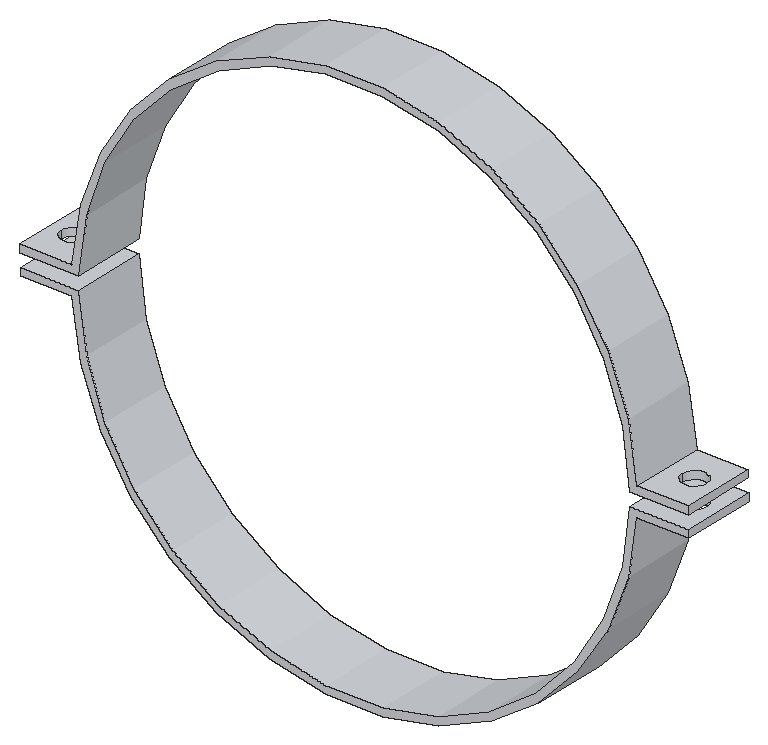
Revit family "Edelstahlrohrschelle V4A, ohne AG, ohne VS, Ø321-410", category HLS-Bauteile, Revit 2017
Family settings
  Bemaßung runder Anschluss = Durchmesser verwenden
  Teiletyp = Normal
  Arbeitsebenenbasiert = Ja
  Immer vertikal = Nein
  Beim Laden mit Abzugskörper schneiden = Nein
  Gemeinsam genutzt = Ja
  Raumberechnungspunkt = Nein
Parameters (values of type "Edelstahlrohrschelle V4A, o.AG, o.VS, Ø361-370")
  vpe = "1 St"
  min. Rohraußendurchmesser = 361 mm
  max. zul. Last vertikal = 0.00 kN
  max. zul. Last horizontal = 0.00 kN
  max. Temperaturbeständigkeit = ""
  max. Rohraußendurchmesser = 370 mm
  für Gewinde = ""
  Default Elevation = 1219.2 mm
  Verschluss-Schraube = ""
  Verschluss = "Schraubenverschluss"
  Stärke Material = 0 mm
  S = Dmax + 2 * MD + DF2  # 417 mm
  Rohraußendurchmesser Zoll = " Zoll"
  Rohraußendurchmesser = 0 mm
  Regelhalter [instance] = ""
  Randabstand Lochung = ""
  RM = D / 2 + MD  # 190 mm
  R = D / 2  # 185 mm
  Nennweite DN Rohr = 0 mm
  Mengeneinheit = "St"
  Materialmaße = "50x5,0 mm"
  Material = "Edelstahl"
  MD = 5 mm
  MB = 50 mm
  Lochdurchmesser = ""
  Kurztext2 = "361 - 370 mm ohne Anschluss"
  Kurztext1 = "Rohrschelle Edelstahl V4A 50x5,0"
  Höhe = " mm"
  HGA = 0 mm
  H = A + D + MD  # 380 mm
  Gewicht pro Bauteil = Gewicht  # 2.327 kg
  Gewicht = 2.327 kg
  Firma = "MEFA Befestigungs- und Montagesysteme GmbH"
  Fabrikat = "MEFA"
  EAN = "4250928413437"
  Dmin = 361 mm
  Dmax = 370 mm
  DVS = 17 mm
  DF2 = 37 mm
  DF1 = 32 mm
  D = 370 mm
  Breite Material = ""
  Brandschutz = ""
  Baustoffklasse = ""
  Bauart = "zweiteilig"
  B = S + DF1  # 449 mm
  Artikelnummer = "0495052"
  Anschlußhöhe = " mm"
  Anschluss = "ohne Anschluss"
  Achsabstand = "416 mm"
  AB = D - Dmin  # 9 mm
  A = MD + HGA  # 5 mm
Types (5, lengths in mm): name | min. Rohraußendurchmesser | max. Rohraußendurchmesser | S | Rohraußendurchmesser Zoll | RM | R | Kurztext2 | H | Gewicht pro Bauteil | Gewicht | EAN | Dmin | Dmax | D | B | Artikelnummer | Achsabstand | AB
  (no name) | 361 | 370 | 417 | " Zoll" | 190 | 185 | "361 - 370 mm ohne Anschluss" | 380 | 2.327 kg | 2.327 kg | "4250928413437" | 361 | 370 | 370 | 449 | "0495052" | "416 mm" | 9
  Edelstahlrohrschelle V4A, o.AG, o.VS, Ø321-325 | 321 | 325 | 372 | "12 Zoll" | 167.5 | 162.5 | "321 - 325 mm ohne Anschluss" | 335 | 2.10 kg | 2.10 kg | "4250928413413" | 321 | 325 | 325 | 404 | "0495046" | "372 mm" | 4
  Edelstahlrohrschelle V4A, o.AG, o.VS, Ø356-360 | 356 | 360 | 407 | "14 Zoll" | 185 | 180 | "356 - 360 mm ohne Anschluss" | 370 | 2.30 kg | 2.30 kg | "4250928413420" | 356 | 360 | 360 | 439 | "0495051" | "407 mm" | 4
  Edelstahlrohrschelle V4A, o.AG, o.VS, Ø361-370 | 361 | 370 | 417 | " Zoll" | 190 | 185 | "361 - 370 mm ohne Anschluss" | 380 | 2.327 kg | 2.327 kg | "4250928413437" | 361 | 370 | 370 | 449 | "0495052" | "416 mm" | 9
  Edelstahlrohrschelle V4A, o.AG, o.VS, Ø401-410 | 401 | 410 | 457 | "16 Zoll" | 210 | 205 | "401 - 410 mm ohne Anschluss" | 420 | 2.556 kg | 2.556 kg | "4250928413444" | 401 | 410 | 410 | 489 | "0495056" | "456 mm" | 9
Reference planes
  plane 1 "Mitte (Vorne/hinten)": y = 0
  plane 2: z = 0
  plane 3 "Mitte (Links/rechts)": x = 0
  plane 4: x = 185
  plane 5: x = -185
  plane 6: x = 208.5
  plane 7: x = -208.5
  plane 8: x = 224.5
  plane 9: x = -224.5
  plane 10: z = 4.5
  plane 11: z = -4.5
  plane 12: z = 190
Forms (mm)
  Sweep 1, solid, detail levels medium+fine
    path origin (0, 0, 0) x (1, 0, 0) y (0, 0, 1)
      loop
        line (224.5, 4.5) -> (184.945, 4.5)
        arc (184.945, 4.5) -> (0, 185) -> (-184.945, 4.5) r 185
        line (-184.945, 4.5) -> (-224.5, 4.5)
    profile origin (0, 0, 185) x (0, 0, -1) y (0, -1, 0)
      loop
        line (-5, -25) -> (0, -25) -> (0, 25) -> (-5, 25) -> (-5, -25)
  Sweep 2, solid, detail levels medium+fine
    path origin (0, 0, 0) x (1, 0, 0) y (0, 0, -1)
      loop
        line (224.5, 4.5) -> (184.945, 4.5)
        arc (184.945, 4.5) -> (0, 185) -> (-184.945, 4.5) r 185
        line (-184.945, 4.5) -> (-224.5, 4.5)
    profile origin (0, 0, -185) x (0, 0, -1) y (0, -1, 0)
      loop
        line (5, -25) -> (5, 25) -> (0, 25) -> (0, -25) -> (5, -25)
  Extrusion 3, void
    sketch origin (0, 0, 0) x (1, 0, 0) y (0, 1, 0)
      loop
        circle (-208.5, 0) r 8.5
    from -50 to 50
  Extrusion 4, void
    sketch origin (0, 0, 0) x (-1, 0, 0) y (0, -1, 0)
      loop
        circle (-208.5, 0) r 8.5
    from -50 to 50
Cuts and joins
  Extrusion 3, Extrusion 4 cuts Sweep 1
  Extrusion 3, Extrusion 4 cuts Sweep 2
Lines and regions (mm)
  model lines, detail levels fine
    curve 1: line (0, 0, 14.982) -> (0, 0, -15.018)
    curve 2: line (0, 15.592, 0) -> (0, -14.408, 0)
    curve 3: line (15, 0, 0) -> (-15, 0, 0)
    curve 4: line (-208.5, 16.323, 0) -> (-208.5, -15.841, 0)
    curve 5: line (208.5, 16.323, 0) -> (208.5, -15.841, 0)
    curve 6: line (-221, 0, 0) -> (-196, 0, 0)
    curve 7: line (196, 0, 0) -> (221, 0, 0)
    curve 8: line (208.5, 0, 20) -> (208.5, 0, -20)
    curve 9: line (-208.5, 0, 20) -> (-208.5, 0, -20)
  model lines, detail levels coarse
    curve 10: circle (0, 0, -0.018) r 185 normal (0, -1, 0)
Dimensions and locks
  equal spacing: plane 5, plane 3 "Mitte (Links/rechts)", plane 4
  equal spacing: plane 7, plane 3 "Mitte (Links/rechts)", plane 6
  equal spacing: plane 9, plane 3 "Mitte (Links/rechts)", plane 8
  "D": plane 5 to plane 4
  "S": plane 7 to plane 6
  "B": plane 9 to plane 8
  equal spacing: plane 11, level, plane 10
  "AB": plane 11 to plane 10
  "MB": Sweep 1 sketch curve to Sweep 1 sketch curve
  "MD": Sweep 1 sketch curve to Sweep 1 sketch curve
  "MB": Sweep 2 sketch curve to Sweep 2 sketch curve
  "MD": Sweep 2 sketch curve to Sweep 2 sketch curve
  "RM": plane 12 to level
  equal spacing: Sweep 1 sketch curve, profile plane, Sweep 1 sketch curve
  equal spacing: Sweep 2 sketch curve, profile plane, Sweep 2 sketch curve
  "D": diameter of Sweep 1 sketch curve
  "D": diameter of Sweep 2 sketch curve
  "DVS": diameter of Extrusion 3 sketch curve
  "DVS": diameter of Extrusion 4 sketch curve
  "D": diameter of curve 10
  aligned and locked: level to plane 2
  aligned and locked: plane 8 to Sweep 1 sketch curve
  aligned and locked: plane 10 to Sweep 1 sketch curve  (x2)
  aligned and locked: plane 3 "Mitte (Links/rechts)" to curve 1
  aligned and locked: curve 2 to level
  aligned and locked: curve 3 to level
  aligned and locked: plane 7 to curve 4
  aligned and locked: plane 1 "Mitte (Vorne/hinten)" to curve 6
  aligned and locked: plane 1 "Mitte (Vorne/hinten)" to curve 7
  aligned and locked: plane 6 to curve 5
  aligned and locked: curve 8 to plane 6
  aligned and locked: curve 9 to plane 7
Automatic sketch dimensions
  plane 9 to Sweep 1 sketch curve = 0 mm
  Sweep 1 sketch curve to level = 0 mm
  Sweep 1 sketch curve to plane 3 "Mitte (Links/rechts)" = 0 mm
  Sweep 1 sketch curve to plane 10 = 0 mm
  plane 8 to Sweep 1 sketch curve = 0 mm
  plane 9 to Sweep 2 sketch curve = 0 mm
  Sweep 2 sketch curve to plane 11 = 0 mm  (x3)
  Sweep 2 sketch curve to level = 0 mm
  Sweep 2 sketch curve to plane 3 "Mitte (Links/rechts)" = 0 mm
  plane 8 to Sweep 2 sketch curve = 0 mm
  plane 1 "Mitte (Vorne/hinten)" to curve 2 = 14.408 mm
  curve 2 to plane 1 "Mitte (Vorne/hinten)" = 15.592 mm
  plane 1 "Mitte (Vorne/hinten)" to curve 4 = 15.841 mm
  curve 6 to plane 9 = 3.5 mm
  plane 5 to curve 6 = 11 mm
  curve 7 to plane 4 = 11 mm
  plane 8 to curve 7 = 3.5 mm
  plane 1 "Mitte (Vorne/hinten)" to curve 5 = 15.841 mm
  curve 5 to plane 1 "Mitte (Vorne/hinten)" = 16.323 mm
  curve 4 to plane 1 "Mitte (Vorne/hinten)" = 16.323 mm
  curve 10 to plane 3 "Mitte (Links/rechts)" = 0 mm
  curve 10 to level = 0.018 mm
  curve 3 to plane 3 "Mitte (Links/rechts)" = 15 mm
  plane 3 "Mitte (Links/rechts)" to curve 3 = 15 mm
  curve 1 to plane 11 = 10.518 mm
  curve 9 to plane 11 = 15.5 mm
  curve 8 to plane 11 = 15.5 mm
  plane 10 to curve 1 = 10.482 mm
  plane 10 to curve 8 = 15.5 mm
  plane 10 to curve 9 = 15.5 mm
  Sweep 1 sketch curve to profile plane = 0 mm
  Sweep 2 sketch curve to profile plane = 0 mm
  plane 1 "Mitte (Vorne/hinten)" to Extrusion 3 sketch curve = 0 mm
  Extrusion 3 sketch curve to plane 7 = 0 mm
  plane 1 "Mitte (Vorne/hinten)" to Extrusion 4 sketch curve = 0 mm
  Extrusion 4 sketch curve to plane 6 = 0 mm
